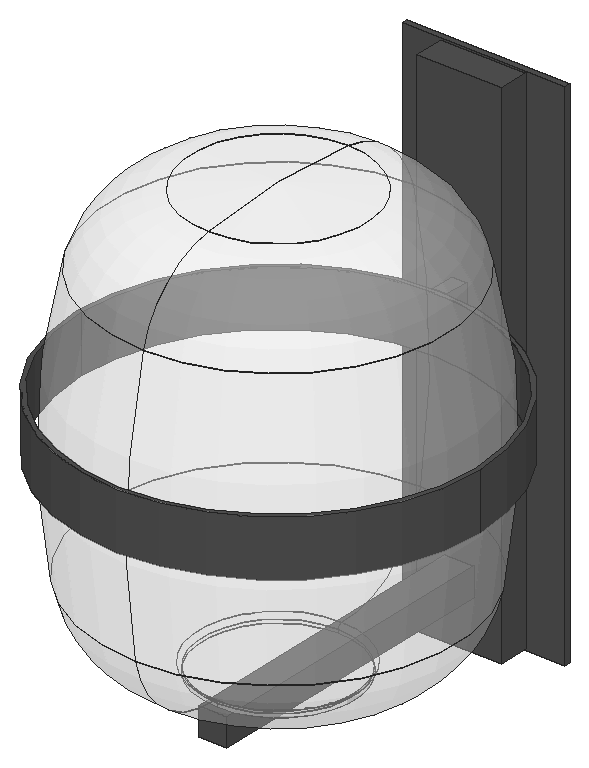
Revit family "Indoor_Wall Lamp_Santa&Cole_Wally Cesta", category Luminarias, Revit 2018
Family settings
  Cota de conector redondo = Diámetro de uso
  Tipo de pieza = Normal
  Número OmniClass = 23.80.70.00
  Título OmniClass = Lighting
  Se basa en plano de trabajo = Sí
  Siempre vertical = Sí
  Corte con vacíos al cargar = No
  Origen de luz = Sí
  Compartido = No
  Punto de cálculo de habitación = No
Parameters (values of type "Wally Cesta UL - Negro")
  Ángulo de inclinación = -90.00°
  Voltaje (90-305 V) = 220 V
  Wattage = 9.2903 W
  URL = "https://www.santacole.com/es/apliques/wally-cesta-628/?attribute_pa_estructura-metalica=blanco-mate-es"
  UL = yes
  Technical Information = "https://www.santacole.com//recursos/productos/downloads/pdf_espec_tecnicas/SC_Wally_Cesta_ficha_tecnica.pdf"
  built-in parameter 1150110 = 1 (stored number, unit not read)
  Modelo = "Wally Cesta"
  Material = Santa&Cole - Black Matte Finish
  Manufacturer website = "https://www.santacole.com"
  built-in parameter 1114217 = 1 (stored number, unit not read)
  built-in parameter 1150109 = 1 (stored number, unit not read)
  Fabricante = "Santa & Cole"
  Energy Label = ""
  Default Elevation = 1219.2 mm
  Designed by = "Miguel Milá, 1962"
  Contact phone = "+34.938.619.100"
  Contact e-mail = "info@santacole.com"
  built-in parameter 1150134 = (empty or 0)
  built-in parameter 1150113 = 1 (stored number, unit not read)
  Lumens = 1380 lm
  built-in parameter 1150115 = 1 (stored number, unit not read)
  built-in parameter 1150105 = 109.82 (stored number, unit not read)
  built-in parameter 1150137 = (empty or 0)
  built-in parameter 1150139 = (empty or 0)
  built-in parameter 1150112 = 1 (stored number, unit not read)
  built-in parameter 1150114 = 1 (stored number, unit not read)
  built-in parameter 1150132 = 2
  built-in parameter 1150102 = (empty or 0)
  built-in parameter 1150138 = (empty or 0)
  built-in parameter 1150107 = 2700 (stored number, unit not read)
  built-in parameter 1150106 = 1.0982 (stored number, unit not read)
  built-in parameter 1150104 = 13.8 (stored number, unit not read)
  Code = "WALWB01"
  Carga aparente = 6 VA
  Dimming Lamp Color Temperature Shift = (empty or 0)
  Color Filter = 16777215
  built-in parameter 1114218 = 1 (stored number, unit not read)
  Assembly instructions - UL = "https://www.santacole.com//recursos/productos/downloads/pdf_montaje/Wally%20Cesta_UL_im.pdf"
  Assembly instructions - CE = "https://www.santacole.com//recursos/productos/downloads/pdf_montaje/Wally%20Cesta_CE_im.pdf"
  Archivo de red fotométrica = "Wally Cesta WALWB01 (CL004A22F002G).IES"
  built-in parameter 1150133 = 10 (stored number, unit not read)
Types (4, lengths in mm): name | UL | Material | Code
  Wally Cesta UL - Blanco | yes | Santa&Cole - White Matte Finish | "WALWB02"
  Wally Cesta UL - Negro | yes | Santa&Cole - Black Matte Finish | "WALWB01"
  Wally Cesta CE - Negro | no | Santa&Cole - Black Matte Finish | "WALWB01"
  Wally Cesta CE - Blanco | no | Santa&Cole - White Matte Finish | "WALWB02"
Reference planes
  plane 1 "Eje de origen de luz (F/P)": y = 0
  plane 2: z = 0
  plane 3 "Eje de origen de luz (I/D)": x = 0
  plane 4 "Elevación de origen de luz": z = 193.213
Forms (mm)
  Blend 1, solid, not visible
    base sketch origin (36.867, 153.179, 1765.164) x (-0.551937, 0.833886, 0) y (-0.833886, -0.551937, 0)
      loop
        line (-50.966, 0.411) -> (-50.966, -0.489) -> (-50.043, -0.489) -> (-50.043, 0.411) -> (-50.966, 0.411)
    top sketch origin (36.867, 153.179, 1765.164) x (-0.551937, 0.833886, 0) y (-0.833886, -0.551937, 0)
      loop
        line (-47.638, 0.875) -> (-47.638, 1.775) -> (-48.561, 1.775) -> (-48.561, 0.875) -> (-47.638, 0.875)
    from -112.076 to -105.022
  Blend 2, solid, not visible
    base sketch origin (-50.305, 123.446, 1917.584) x (0.96363, 0.267238, 0) y (-0.267238, 0.96363, 0)
      loop
        line (-50.966, 0.411) -> (-50.966, -0.489) -> (-50.043, -0.489) -> (-50.043, 0.411) -> (-50.966, 0.411)
    top sketch origin (-50.305, 123.446, 1917.584) x (0.96363, 0.267238, 0) y (-0.267238, 0.96363, 0)
      loop
        line (-47.638, 0.875) -> (-47.638, 1.775) -> (-48.561, 1.775) -> (-48.561, 0.875) -> (-47.638, 0.875)
    from -112.484 to -105.022
  Sweep 3, solid, not visible
    path origin (294.44, -207.288, 170.345) x (0, -1, 0) y (0, 0, 1)
      loop
        line (-293, 1511.9) -> (-278.776, 1511.9) -> (-221.503, 1484.838)
    profile origin (294.44, 78.6, 1682.245) x (0, 0, 1) y (-1, 0, 0)
      loop
        circle (-1, 330.796) r 1
  Extrusion 4, solid, material "Santa&Cole - Black Matte Finish" <- "Material", visible <- "UL"
    sketch origin (0, 0, 0) x (0, 1, 0) y (0, 0, 1)
      loop
        line (-4, 367) -> (-4, 0) -> (0, 0) -> (0, 367) -> (-4, 367)
    from -57.5 to 57.5
  Extrusion 5, solid, material "Santa&Cole - Black Matte Finish" <- "Material"
    sketch origin (0, 0, 0) x (0, 1, 0) y (0, 0, 1)
      loop
        line (-25.5, 366) -> (-25.5, 1) -> (-4, 1) -> (-4, 366) -> (-25.5, 366)
    from -30 to 30
  Extrusion 6, solid, material "Santa&Cole - Black Matte Finish" <- "Material"
    sketch origin (0, 0, 0) x (0, 1, 0) y (0, 0, 1)
      loop
        line (-243.5, 36) -> (-25.5, 36) -> (-25.5, 56) -> (-243.5, 56) -> (-243.5, 36)
    from -10 to 10
  Extrusion 7, solid, material "Santa&Cole - Black Matte Finish" <- "Material"
    sketch origin (0, 0, 0) x (0, 1, 0) y (0, 0, 1)
      loop
        line (-42.587, 234) -> (-42.587, 194) -> (-25.5, 194) -> (-25.5, 234) -> (-42.587, 234)
    from -5 to 5
  Extrusion 8, solid, material "Santa&Cole - Black Matte Finish" <- "Material"
    sketch origin (0, 0, 0) x (1, 0, 0) y (0, 1, 0)
      loop
        circle (0, -185.544) r 142.956
      loop
        circle (0, -185.544) r 140
    from 194 to 234
  Revolve 9, solid, material "Santa & Cole - White Opal Glass"
    sketch origin (0, 0, 0) x (0, 1, 0) y (0, 0, 1)
      loop
        line (-185.544, 56) -> (-131.839, 56) -> (-132.2, 58.7)
        arc (-132.2, 58.7) -> (-131.468, 61.048) -> (-129.2, 62) r 2.915
        arc (-129.2, 62) -> (-84.04, 76.772) -> (-59.342, 117.364) r 68.529
        arc (-59.342, 117.364) -> (-51.633, 214.904) -> (-66.115, 311.67) r 431.155
        arc (-66.115, 311.67) -> (-87.187, 345.393) -> (-123.5, 361.602) r 68.11
        arc (-123.5, 361.602) -> (-154.464, 364.605) -> (-185.544, 365.94) r 578.65
        line (-185.544, 365.94) -> (-185.544, 56)
      axis (-185.544, 365.94) -> (-185.544, 56)
    angle from 0 to 360
Dimensions and locks
  aligned and locked: plane 3 "Eje de origen de luz (I/D)" to imposter light
  aligned and locked: plane 4 "Elevación de origen de luz" to imposter light
  aligned and locked: level to plane 2
Connectors
  electrical at (0, 0, 183.5), driven by "Voltaje (90-305 V)"
    settings: on Extrusion 4, index 1, voltage 220 V, apparent load 0 VA, apparent load phase1 0 VA, apparent load phase2 0 VA, apparent load phase3 0 VA, power factor 1, load classification "Iluminación", number of poles 1, system type 31, power factor state 1, is connector primary yes, connector utility no, sub classification motor no, connector description ""
